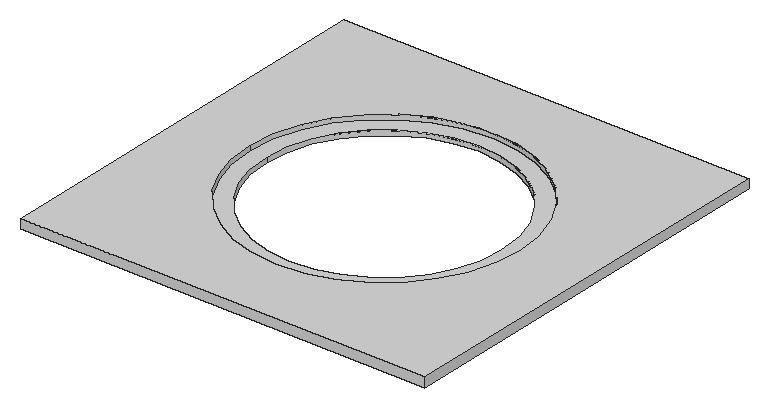
Revit family "A1-BP", category Plumbing Fixtures, Revit 2018
Family settings
  Round Connector Dimension = Use Diameter
  Part Type = Normal
  Work Plane-Based = No
  Always vertical = Yes
  Cut with Voids When Loaded = No
  Shared = No
  Room Calculation Point = No
Parameters (values of type "A1-BP")
  URL = "WWW.MIFAB.COM"
  Model = "A1-BP"
  Manufacturer = "MIFAB"
  Description = "BEARING PAN / SUMP RECEIVER FOR R1100 ROOF DRAINS"
Reference planes (in)
  plane 1 "Center (Front/Back)": y = 0
  plane 2: z = 0
  plane 3 "Center (Left/Right)": x = 0
  plane 4: x = -6
  plane 5: x = 6
  plane 6: y = 6
  plane 7: y = -6
  plane 8: z = 0.28009
  plane 9: z = 0.14005
Forms (in)
  Extrusion 1, solid, material "Steel"
    sketch origin (0, 0, 0) x (1, 0, 0) y (0, 1, 0)
      loop
        line (-6, 6) -> (-6, -6) -> (6, -6) -> (6, 6) -> (-6, 6)
      loop
        circle (0, 0) r 4
    from 0 to 0.28009
  Extrusion 2, solid, material "Steel"
    sketch origin (0, 0, 0) x (1, 0, 0) y (0, 1, 0)
      loop
        circle (0, 0) r 3.5
      loop
        circle (0, 0) r 4
    from 0 to 0.14005
Cuts and joins
  joined: Extrusion 1, Extrusion 2
Dimensions and locks (in)
  plane 4 to plane 3 "Center (Left/Right)" to plane 5 = 0' - 6", 0' - 6"
  plane 4 to plane 5 = 1' - 0"
  equal spacing: plane 7, plane 1 "Center (Front/Back)", plane 6
  plane 7 to plane 6 = 1' - 0"
  plane 6 to plane 1 "Center (Front/Back)" to plane 7 = 0' - 6", 0' - 6"
  plane 6 to plane 7 = 1' - 0"
  equal spacing: plane 8, plane 9, plane 2
  aligned and locked: level to plane 2
  aligned and locked: Extrusion 1 sketch curve to plane 6
  aligned and locked: plane 4 to Extrusion 1 sketch curve
  aligned and locked: Extrusion 1 sketch curve to plane 7
  aligned and locked: plane 5 to Extrusion 1 sketch curve
  aligned and locked: Extrusion 1 to plane 8
Automatic sketch dimensions
  plane 1 "Center (Front/Back)" to Extrusion 1 sketch curve = 0' - 0"
  Extrusion 1 sketch curve to plane 3 "Center (Left/Right)" = 0' - 0"
  Extrusion 2 sketch curve to Extrusion 2 sketch curve = 0' - 0"  (x2)
  plane 1 "Center (Front/Back)" to Extrusion 2 sketch curve = 0' - 0"
  Extrusion 2 sketch curve to plane 3 "Center (Left/Right)" = 0' - 0"
  radius of Extrusion 1 sketch curve = 0' - 4"
  radius of Extrusion 2 sketch curve = 0' - 3 1/2"
  radius of Extrusion 2 sketch curve = 0' - 4"
